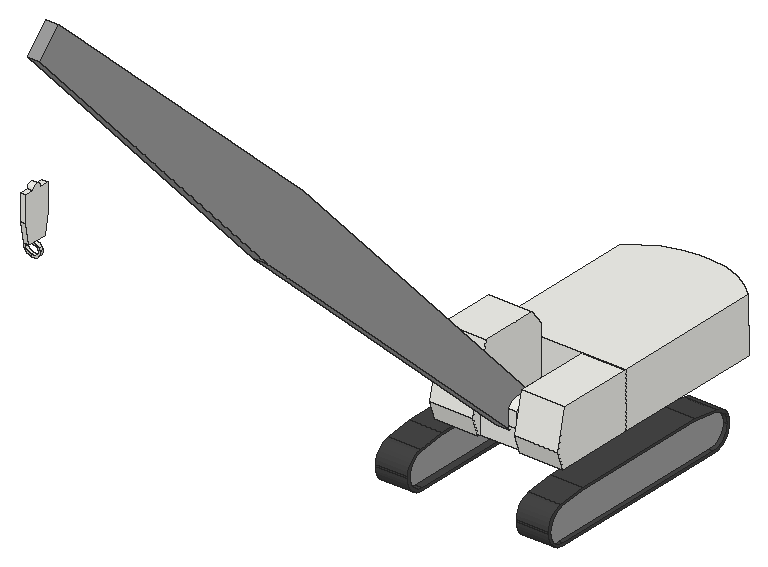
Revit family "12bcd2d42a9e44d689516584ec4ea8b1", category Site, Revit 2021
Family settings
  Round Connector Dimension = Use Diameter
  Part Type = Normal
  Seek Item ID = Construction Crane-0000-USA-ENU
  Work Plane-Based = No
  Always vertical = No
  Cut with Voids When Loaded = No
  Shared = No
Parameters (values of type "65' @ 45 deg")
  Boom Angle = 45.00°
  Boom Half = Boom Length / 2  # 32' - 6"
  Boom Length = 65' - 0"
  Cab Width = 10' - 0"
  Counter Weight = 14' - 0"
  Hook = 90.00° - Boom Angle  # 45.00°
  Turning Radius = Counter Weight + 1' 0"  # 15' - 0"
  Width = 13' - 6"
Types (4): name | Boom Angle | Boom Half | Boom Length | Cab Width | Counter Weight | Hook | Turning Radius | Width
  (no name) | 45.00° | 32' - 6" | 65' - 0" | 10' - 0" | 14' - 0" | 45.00° | 15' - 0" | 13' - 6"
  50' @ 60 deg | 60.00° | 25' - 0" | 50' - 0" | 10' - 0" | 14' - 0" | 30.00° | 15' - 0" | 12' - 0"
  75' @ 60 deg | 60.00° | 37' - 6" | 75' - 0" | 12' - 0" | 18' - 0" | 30.00° | 19' - 0" | 16' - 0"
  65' @ 45 deg | 45.00° | 32' - 6" | 65' - 0" | 10' - 0" | 14' - 0" | 45.00° | 15' - 0" | 13' - 6"
Reference planes (in)
  plane 1 "Center (Front/Back)": x = -223.58745
  plane 2: z = 0.00271
  plane 3 "Center (Left/Right)": y = -220.26923
  plane 4: y = -8.65506
  plane 5: x = -283.58745
  plane 6: x = -163.58745
  plane 7: x = -304.58745
  plane 8: x = -142.58745
  plane 9: x = -274.58745
  plane 10: x = -172.58745
  plane 11: z = 38.78223
  plane 12: z = 33.67231
  plane 13: z = 45.47515
  plane 14: z = 96.65625
  plane 15: z = 122.44365
  plane 16: y = -114.46214
  plane 17: y = -183.55663
  plane 18: y = 63.97131
  plane 19: x = -243.27249
  plane 20: x = -203.90241
  plane 21: z = 33.67231
  plane 22: y = -616.55749
  plane 23: y = -104.02869
  plane 24: x = -229.58745
  plane 25: x = -217.58745
  plane 26: y = 39.97131
Forms (in)
  Extrusion 1, solid, material "Plastic, Opaque Black"
    sketch origin (-223.58745, 0, 0) x (0, -1, 0) y (0, 0, 1)
      loop
        arc (203.26923, 0) -> (215.29005, 4.97918) -> (220.26923, 17) r 17
        line (220.26923, 17) -> (220.26923, 18.70487)
        arc (220.26923, 18.70487) -> (216.02859, 29.93869) -> (205.42232, 35.56797) r 17
        line (205.42232, 35.56797) -> (180.26923, 38.78223) -> (48.65506, 38.78223) -> (23.50197, 35.56797)
        arc (23.50197, 35.56797) -> (12.8957, 29.93869) -> (8.65506, 18.70487) r 17
        line (8.65506, 18.70487) -> (8.65506, 17)
        arc (8.65506, 17) -> (13.63424, 4.97918) -> (25.65506, 0) r 17
        line (25.65506, 0) -> (203.26923, 0)
      loop
        line (48.78222, 36.78223) -> (24.61859, 33.70354)
        arc (24.61859, 33.70354) -> (14.69437, 28.46287) -> (10.66024, 17.99002) r 15.98739
        arc (10.66024, 17.99002) -> (15.3413, 6.68895) -> (26.64237, 2.00789) r 15.98213
        line (26.64237, 2.00789) -> (202.51721, 2.00789)
        arc (202.51721, 2.00789) -> (213.67229, 6.62848) -> (218.29287, 17.78355) r 15.77566
        arc (218.29287, 17.78355) -> (214.29477, 28.3725) -> (204.29591, 33.67657) r 16.02143
        line (204.29591, 33.67657) -> (180.14207, 36.78223) -> (48.78222, 36.78223)
    from 51 to 81
  Extrusion 2, solid, material "Metal, Paint Finish, White, Matte"
    sketch origin (-282.78589, 336.87989, 96.65354) x (0, 0, -1) y (0, -1, 0)
      loop
        line (-0.00271, 440.90859) -> (51.1784, 440.90859) -> (51.1784, 514.40521) -> (34.28624, 520.43652) -> (-25.79011, 505.34204) -> (-25.79011, 451.34204) -> (-12.00271, 440.90859) -> (-0.00271, 440.90859)
    from -39.5134 to 0.80156
  Extrusion 3, solid, material "Metal, Paint Finish, White, Matte"
    sketch origin (-164.67565, -104.02869, 96.65354) x (0, 0, -1) y (0, 1, 0)
      loop
        line (-0.00271, 0) -> (-0.00271, -70.91267) -> (34.28624, -79.52794) -> (51.1784, -73.49662) -> (51.1784, 0) -> (-0.00271, 0)
    from -39.22676 to 1.0882
  Extrusion 4, solid, material "Metal, Paint Finish, White, Matte"
    sketch origin (0, 0, 0) x (1, 0, 0) y (0, 1, 0)
      loop
        line (-243.27249, -104.02869) -> (-243.27249, -174.55663) -> (-203.90241, -174.55663) -> (-203.90241, -104.02869) -> (-243.27249, -104.02869)
    from 45.47244 to 62.56448
  Extrusion 5, solid, material "Metal, Paint Finish, White, Matte"
    sketch origin (-243.27249, -110.02869, 62.56448) x (0, 0, -1) y (0, -1, 0)
      loop
        line (-0.00271, 41.76609) -> (-0.00271, 64.59716) -> (-14.00271, 64.59716)
        arc (-14.00271, 64.59716) -> (-20.02931, 53.18163) -> (-14.00271, 41.76609) r 13.8249
        line (-14.00271, 41.76609) -> (-0.00271, 41.76609)
    from -34.57223 to -4.84375
  Extrusion 6, solid, material "Steel"
    sketch origin (-304.58745, 0, 0) x (0, -1, 0) y (0, 0, 1)
      loop
        line (48.78222, 36.78223) -> (24.61859, 33.70625)
        arc (24.61859, 33.70625) -> (14.69348, 28.46456) -> (10.66024, 17.99002) r 15.98737
        arc (10.66024, 17.99002) -> (15.3413, 6.68895) -> (26.64237, 2.00789) r 15.98213
        line (26.64237, 2.00789) -> (202.51577, 2.00789)
        arc (202.51577, 2.00789) -> (213.67186, 6.6289) -> (218.29287, 17.78499) r 15.7771
        arc (218.29287, 17.78499) -> (214.29483, 28.37441) -> (204.29591, 33.67927) r 16.02287
        line (204.29591, 33.67927) -> (180.14207, 36.78223) -> (48.78222, 36.78223)
    from -22.69133 to -4.39844
  Extrusion 7, solid, material "Plastic, Opaque Black"
    sketch origin (-223.58745, 0, 0) x (0, -1, 0) y (0, 0, -1)
      loop
        line (203.26923, 0) -> (25.65506, 0)
        arc (25.65506, 0) -> (13.63424, -4.97918) -> (8.65506, -17) r 17
        line (8.65506, -17) -> (8.65506, -18.70487)
        arc (8.65506, -18.70487) -> (12.8957, -29.93869) -> (23.50197, -35.56797) r 17
        line (23.50197, -35.56797) -> (48.65506, -38.78223) -> (180.26923, -38.78223) -> (205.42232, -35.56797)
        arc (205.42232, -35.56797) -> (216.02859, -29.93869) -> (220.26923, -18.70487) r 17
        line (220.26923, -18.70487) -> (220.26923, -17)
        arc (220.26923, -17) -> (215.29005, -4.97918) -> (203.26923, 0) r 17
      loop
        line (48.78222, -36.78223) -> (180.14207, -36.78223) -> (204.29591, -33.67657)
        arc (204.29591, -33.67657) -> (214.29477, -28.3725) -> (218.29287, -17.78355) r 16.02143
        arc (218.29287, -17.78355) -> (213.67229, -6.62848) -> (202.51721, -2.00789) r 15.77566
        line (202.51721, -2.00789) -> (26.64237, -2.00789)
        arc (26.64237, -2.00789) -> (15.3413, -6.68895) -> (10.66024, -17.99002) r 15.98213
        arc (10.66024, -17.99002) -> (14.69437, -28.46287) -> (24.61859, -33.70354) r 15.98739
        line (24.61859, -33.70354) -> (48.78222, -36.78223)
    from 51 to 81
  Extrusion 8, solid, material "Steel"
    sketch origin (-142.58745, 0, 0) x (0, -1, 0) y (0, 0, -1)
      loop
        line (48.78222, -36.78223) -> (180.14207, -36.78223) -> (204.29591, -33.67927)
        arc (204.29591, -33.67927) -> (214.29567, -28.37419) -> (218.29287, -17.78355) r 16.02143
        arc (218.29287, -17.78355) -> (213.67229, -6.62848) -> (202.51721, -2.00789) r 15.77566
        line (202.51721, -2.00789) -> (26.64237, -2.00789)
        arc (26.64237, -2.00789) -> (15.3413, -6.68895) -> (10.66024, -17.99002) r 15.98213
        arc (10.66024, -17.99002) -> (14.69348, -28.46456) -> (24.61859, -33.70625) r 15.98737
        line (24.61859, -33.70625) -> (48.78222, -36.78223)
    from -22.69133 to -4.39844
  Extrusion 9, solid, material "Metal, Paint Finish, White, Matte"
    sketch origin (-230.08446, -209.50275, -175.40184) x (0, 0, -1) y (0, -1, 0)
      loop
        line (-675.53261, 499.81232) -> (-651.53261, 499.81232) -> (-631.83645, 503.28529) -> (-631.83645, 521.33936) -> (-651.53261, 525.24528) -> (-675.53261, 525.24528) -> (-675.53261, 516.74528)
        arc (-675.53261, 516.74528) -> (-679.74908, 512.5288) -> (-675.53261, 508.31232) r 4.21648
        line (-675.53261, 508.31232) -> (-675.53261, 499.81232)
    from -9.19366 to -3.95312
  Extrusion 10, solid, material "Metal, Paint Finish, White, Matte"
    sketch origin (-226.13134, -730.84211, 456.43461) x (1, 0, 0) y (0, -0.194521, 0.980898)
      loop
        circle (2.54389, -8) r 8
      loop
        circle (2.54389, -8) r 6
    from -7.81621 to -5.33594
  Extrusion 11, solid, material "Steel"
    sketch origin (-223.58745, 0, 0) x (0, -1, 0) y (0, 0, 1)
      loop
        line (700.81834, 629.34397) -> (414.4401, 364.17893) -> (148.56795, 78.50779) -> (171.19537, 55.88037) -> (456.8665, 321.75252) -> (722.03155, 608.13077) -> (700.81834, 629.34397)
    from -6 to 6
  Extrusion 12, solid, material "Metal, Paint Finish, White, Matte"
    sketch origin (0, 0, 0) x (1, 0, 0) y (0, 1, 0)
      loop
        line (-163.58745, -104.02869) -> (-163.58745, 39.97131)
        arc (-163.58745, 39.97131) -> (-188.34435, 57.01829) -> (-217.58745, 63.97131) r 81.7946
        line (-217.58745, 63.97131) -> (-229.58745, 63.97131)
        arc (-229.58745, 63.97131) -> (-258.67191, 56.66134) -> (-283.58745, 39.97131) r 87.61435
        line (-283.58745, 39.97131) -> (-283.58745, -104.02869) -> (-163.58745, -104.02869)
    from 45.47244 to 96.65625
Lines and regions (in)
  Split face 1
    outline origin (-283.58745, -183.55663, 62.3673) x (1, 0, 0) y (0, 0.243681, 0.969855)
      loop
        line (3.88321, 58.41576) -> (3.88321, 4.41576) -> (36.68477, 4.41576) -> (36.68477, 58.41576) -> (3.88321, 58.41576)
  Split face 2
    outline origin (-283.58745, 336.87989, 96.65354) x (0, 0, -1) y (0, -1, 0)
      loop
        line (-22.27354, 465.16822) -> (3.96233, 459.93708) -> (25.03529, 496.43652) -> (28.75874, 496.43652) -> (28.75874, 516.19769) -> (-22.27354, 502.8078) -> (-22.27354, 465.16822)
  Split face 3
    outline origin (-283.58745, 39.97131, 96.65625) x (0, 0, -1) y (0, -1, 0)
      loop
        line (46.72445, 141.96185) -> (40.72445, 141.96185) -> (40.72445, 8.96185) -> (46.72445, 8.96185) -> (46.72445, 141.96185)
  Split face 4
    outline origin (-283.58745, 39.97131, 96.65625) x (0, 0, -1) y (0, -1, 0)
      loop
        line (37.52623, 141.96185) -> (35.52623, 141.96185) -> (35.52623, 8.96185) -> (37.52623, 8.96185) -> (37.52623, 141.96185)
  Split face 5
    outline origin (-163.58745, -104.02869, 96.65625) x (0, 0, -1) y (0, 1, 0)
      loop
        line (40.72445, 2.03815) -> (46.72445, 2.03815) -> (46.72445, 135.03815) -> (40.72445, 135.03815) -> (40.72445, 2.03815)
  Split face 6
    outline origin (-163.58745, -104.02869, 96.65625) x (0, 0, -1) y (0, 1, 0)
      loop
        line (35.52623, 135.03815) -> (35.52623, 2.03815) -> (37.52623, 2.03815) -> (37.52623, 135.03815) -> (35.52623, 135.03815)
  Split face 7
    outline origin (-243.27249, 336.87989, 96.65354) x (0, 0, -1) y (0, -1, 0)
      loop
        line (-22.27354, 502.8078) -> (-22.27354, 465.16822) -> (3.96233, 459.93708) -> (13.46233, 476.39156) -> (13.46233, 512.18421) -> (-22.27354, 502.8078)
  model lines, style "InvisibleLines"
    curve 1: line (-223.58745, -159.88166, 67.19408) -> (-223.58745, -711.42495, 618.73737)
    curve 2: line (-223.58745, -700.81834, 629.34397) -> (-223.58745, -722.03155, 608.13077)
    curve 3: line (-223.58745, -171.19537, 55.88037) -> (-223.58745, -148.56795, 78.50779)
    curve 4: line (-223.58745, -414.4401, 364.17893) -> (-223.58745, -456.8665, 321.75252)
    curve 5: line (-223.58745, -700.81834, 629.34397) -> (-223.58745, -414.4401, 364.17893)
    curve 6: line (-223.58745, -722.03155, 608.13077) -> (-223.58745, -456.8665, 321.75252)
    curve 7: line (-223.58745, -456.8665, 321.75252) -> (-223.58745, -171.19537, 55.88037)
    curve 8: line (-223.58745, -148.56795, 78.50779) -> (-223.58745, -414.4401, 364.17893)
  symbolic lines, style "Turning Radius"
    curve 9: arc (-43.58745, -114.46214, 0) -> (-223.58745, 65.53786, 0) -> (-403.58745, -114.46214, 0) r 180
    curve 10: arc (-403.58745, -114.46214, 0) -> (-223.58745, -294.46214, 0) -> (-43.58745, -114.46214, 0) r 180
    curve 14: arc (-223.58745, -722.03155, 0) -> (383.98195, -114.46214, 0) -> (-223.58745, 493.10726, 0) r 607.5694
    curve 15: arc (-223.58745, -722.03155, 0) -> (-831.15685, -114.46214, 0) -> (-223.58745, 493.10726, 0) r 607.5694
  model lines, style "Logistics"
    curve 11: line (-223.58745, -722.03155, 608.13077) -> (-223.58745, -722.03155, 500.13077)
    curve 12: line (-223.58745, -722.03155, 500.13077) -> (-223.58745, -736.03155, 500.13077)
    curve 13: line (-223.58745, -722.03155, 500.13077) -> (-206.58745, -722.03155, 500.13077)
  symbolic lines, style "Logistics"
    curve 16: line (-229.58745, -148.56795, 0) -> (-229.58745, -722.03155, 0)
    curve 17: line (-217.58745, -722.03155, 0) -> (-217.58745, -148.56795, 0)
    curve 18: line (-229.58745, -148.56795, 0) -> (-217.58745, -148.56795, 0)
    curve 19: line (-229.58745, -722.03155, 0) -> (-217.58745, -722.03155, 0)
Dimensions and locks (in)
  plane 4 to plane 3 "Center (Left/Right)" = 17' - 7.61417"
  equal spacing: plane 7, plane 1 "Center (Front/Back)", plane 8
  "Width": plane 7 to plane 8
  plane 7 to plane 9 = 2' - 6"
  plane 10 to plane 8 = 2' - 6"
  locked: plane 11 to plane 2 at 38.77953
  locked: plane 13 to plane 2 at 45.47244
  locked: plane 13 to plane 14 at 51.1811
  locked: plane 15 to plane 2 at 122.44094
  equal spacing: plane 4, plane 16, plane 3 "Center (Left/Right)"
  equal spacing: plane 19, plane 1 "Center (Front/Back)", plane 20
  locked: plane 23 to plane 16 at 10.43345
  "Counter Weight": plane 18 to plane 23
  locked: plane 16 to curve 1 at 45.41951
  locked: curve 1 to plane 2 at 67.19137
  "Boom Length": curve 1 to curve 2
  equal spacing: curve 2, curve 1, curve 2
  locked: curve 2 to curve 2 at 30
  equal spacing: curve 3, curve 1, curve 3
  locked: curve 3 to curve 3 at 32
  "Boom Half": curve 4 to curve 2
  equal spacing: curve 4, curve 1, curve 4
  locked: curve 4 to curve 4 at 60
  plane 24 to plane 1 "Center (Front/Back)" to plane 25 = 0' - 6" locked, 0' - 6" locked
  "Cab Width": plane 5 to plane 6
  locked: plane 5 to plane 19 at 40.31496
  locked: plane 20 to plane 6 at 40.31496
  locked: plane 26 to plane 18 at 24
  locked: curve 12 to curve 11 at 108
  equal spacing: Extrusion 9 sketch curve, curve 11, Extrusion 9 sketch curve
  locked: Extrusion 9 sketch curve to Extrusion 9 sketch curve at 25.43295
  locked: curve 12 to Extrusion 9 sketch curve
  locked: Extrusion 9 sketch curve to curve 12 at 43.69616
  Extrusion 9 sketch curve to curve 11 to Extrusion 9 sketch curve = 0' - 9.24351" locked, 0' - 8.81056" locked
  "Turning Radius": radius of curve 9
  radius of Extrusion 9 sketch curve = 0' - 4.21648"
  "Boom Angle": angle plane 2 to curve 1
  locked: curve 1 to curve 3 (angle 90.00°)
  "Hook": angle curve 1 to curve 11
  aligned and locked: plane 5 to Extrusion 2
  aligned and locked: Extrusion 3 to plane 6
  aligned and locked: Extrusion 2 to Extrusion 4 sketch curve
  aligned and locked: Extrusion 4 sketch curve to Extrusion 2
  aligned and locked: Extrusion 3 to Extrusion 4 sketch curve
  aligned and locked: Extrusion 11 sketch curve to curve 5
  aligned and locked: Extrusion 11 sketch curve to curve 2
  aligned and locked: Extrusion 11 sketch curve to curve 6
  aligned and locked: Extrusion 11 sketch curve to curve 7
  aligned and locked: Extrusion 11 sketch curve to curve 3
  aligned and locked: Extrusion 11 sketch curve to curve 8
  aligned and locked: Extrusion 11 to plane 25
  aligned and locked: Extrusion 11 to plane 24
  aligned and locked: Extrusion 1 to plane 7
  aligned and locked: Extrusion 1 to plane 9
  aligned and locked: Extrusion 7 to plane 10
  aligned and locked: plane 8 to Extrusion 7
  aligned and locked: Extrusion 12 sketch curve to Extrusion 3
  aligned and locked: Extrusion 3 to Extrusion 12 sketch curve
  aligned and locked: Extrusion 12 sketch curve to plane 5
  aligned and locked: Extrusion 12 sketch curve to plane 26  (x2)
  aligned and locked: Extrusion 12 to plane 14
  aligned and locked: curve 13 to Extrusion 11
  aligned and locked: Extrusion 11 to curve 16
  aligned and locked: curve 17 to Extrusion 11
Automatic sketch dimensions
  Extrusion 3 sketch curve to plane 14 = 0' - 0"
  Extrusion 3 sketch curve to plane 17 = 0' - 0"
  Extrusion 3 sketch curve to plane 13 = 0' - 0"
  Extrusion 3 sketch curve to plane 17 = 0' - 6.03132"
  Extrusion 3 sketch curve to plane 16 = 0' - 10.43345"
  plane 13 to Extrusion 3 sketch curve = 1' - 4.89216"
  Extrusion 4 sketch curve to plane 17 = 0' - 9"
  Extrusion 5 sketch curve to plane 17 = 0' - 8.93077"
  plane 14 to Extrusion 5 sketch curve = 1' - 8.08906"
  Extrusion 5 sketch curve to Extrusion 5 sketch curve = 0' - 7.7983"  (x2)
  Extrusion 1 sketch curve to plane 4 = 0' - 0"
  Extrusion 1 sketch curve to level = 0' - 0"
  Extrusion 1 sketch curve to plane 11 = 0' - 0"
  Extrusion 1 sketch curve to plane 3 "Center (Left/Right)" = 0' - 0"
  plane 4 to Extrusion 1 sketch curve = 0' - 2.00518"
  Extrusion 1 sketch curve to plane 12 = 0' - 1.89566"  (x2)
  plane 4 to Extrusion 1 sketch curve = 1' - 2.84691"
  Extrusion 1 sketch curve to plane 12 = 0' - 0.03123"
  Extrusion 1 sketch curve to Extrusion 1 sketch curve = 0' - 1.11662"
  Extrusion 1 sketch curve to Extrusion 1 sketch curve = 0' - 0"
  Extrusion 1 sketch curve to Extrusion 1 sketch curve = 0' - 0.98731"
  Extrusion 1 sketch curve to Extrusion 1 sketch curve = 0' - 0.00461"
  Extrusion 1 sketch curve to Extrusion 1 sketch curve = 2' - 0.03647"
  Extrusion 1 sketch curve to Extrusion 1 sketch curve = 0' - 0.12716"  (x2)
  Extrusion 1 sketch curve to plane 17 = 0' - 3.41457"
  Extrusion 1 sketch curve to Extrusion 1 sketch curve = 0' - 0.24577"
  Extrusion 1 sketch curve to Extrusion 1 sketch curve = 0' - 0.75202"  (x2)
  Extrusion 1 sketch curve to plane 12 = 0' - 0.00425"
  Extrusion 1 sketch curve to Extrusion 1 sketch curve = 0' - 1.02668"
  Extrusion 1 sketch curve to Extrusion 1 sketch curve = 0' - 1.12641"
  level to Extrusion 1 sketch curve = 0' - 2.00789"
  Extrusion 1 sketch curve to Extrusion 1 sketch curve = 0' - 0.14467"
  Extrusion 1 sketch curve to plane 11 = 0' - 2"
  Extrusion 1 sketch curve to plane 3 "Center (Left/Right)" = 0' - 1.97636"
  plane 4 to Extrusion 6 sketch curve = 0' - 2.00518"
  Extrusion 6 sketch curve to plane 11 = 0' - 5.07599"
  plane 4 to Extrusion 6 sketch curve = 1' - 3.96353"
  Extrusion 6 sketch curve to Extrusion 6 sketch curve = 0' - 2.02378"
  Extrusion 6 sketch curve to Extrusion 6 sketch curve = 0' - 0.00461"
  Extrusion 6 sketch curve to plane 11 = 0' - 2"
  Extrusion 6 sketch curve to Extrusion 6 sketch curve = 2' - 0.16363"
  Extrusion 6 sketch curve to plane 17 = 0' - 3.41457"
  level to Extrusion 6 sketch curve = 0' - 2.00789"
  Extrusion 6 sketch curve to Extrusion 6 sketch curve = 0' - 0.24577"
  Extrusion 6 sketch curve to plane 11 = 0' - 5.10296"
  Extrusion 6 sketch curve to plane 3 "Center (Left/Right)" = 1' - 3.97332"
  Extrusion 6 sketch curve to plane 3 "Center (Left/Right)" = 0' - 1.97636"
  Extrusion 6 sketch curve to Extrusion 6 sketch curve = 0' - 0"
  Extrusion 7 sketch curve to plane 4 = 0' - 0"
  Extrusion 7 sketch curve to level = 0' - 0"
  Extrusion 7 sketch curve to plane 11 = 0' - 0"
  Extrusion 7 sketch curve to plane 3 "Center (Left/Right)" = 0' - 0"
  plane 4 to Extrusion 7 sketch curve = 0' - 2.00518"
  Extrusion 7 sketch curve to plane 21 = 0' - 1.89566"  (x2)
  plane 4 to Extrusion 7 sketch curve = 1' - 2.84691"
  Extrusion 7 sketch curve to plane 21 = 0' - 0.03123"
  Extrusion 7 sketch curve to Extrusion 7 sketch curve = 0' - 1.11662"
  plane 4 to Extrusion 7 sketch curve = 1' - 5"
  Extrusion 7 sketch curve to Extrusion 7 sketch curve = 0' - 0"
  Extrusion 7 sketch curve to Extrusion 7 sketch curve = 0' - 0.98731"
  Extrusion 7 sketch curve to Extrusion 7 sketch curve = 0' - 0.00461"
  Extrusion 7 sketch curve to Extrusion 7 sketch curve = 2' - 0.03647"
  Extrusion 7 sketch curve to plane 11 = 0' - 2"
  Extrusion 7 sketch curve to Extrusion 7 sketch curve = 0' - 0.12716"  (x2)
  Extrusion 7 sketch curve to plane 17 = 0' - 3.41457"
  Extrusion 7 sketch curve to plane 3 "Center (Left/Right)" = 1' - 5.99779"
  level to Extrusion 7 sketch curve = 0' - 2.00789"
  Extrusion 7 sketch curve to Extrusion 7 sketch curve = 0' - 0.24577"
  Extrusion 7 sketch curve to Extrusion 7 sketch curve = 0' - 0.75202"  (x2)
  Extrusion 7 sketch curve to plane 21 = 0' - 0.00425"
  Extrusion 7 sketch curve to Extrusion 7 sketch curve = 0' - 1.02668"
  Extrusion 7 sketch curve to Extrusion 7 sketch curve = 0' - 1.12641"
  Extrusion 7 sketch curve to plane 3 "Center (Left/Right)" = 0' - 1.97636"
  plane 4 to Extrusion 8 sketch curve = 0' - 2.00518"
  Extrusion 8 sketch curve to plane 11 = 0' - 5.07599"
  plane 4 to Extrusion 8 sketch curve = 1' - 3.96353"
  Extrusion 8 sketch curve to Extrusion 8 sketch curve = 0' - 2.02378"
  Extrusion 8 sketch curve to Extrusion 8 sketch curve = 0' - 0.00461"
  Extrusion 8 sketch curve to plane 11 = 0' - 2"
  Extrusion 8 sketch curve to Extrusion 8 sketch curve = 2' - 0.16363"
  Extrusion 8 sketch curve to plane 17 = 0' - 3.41457"
  Extrusion 8 sketch curve to plane 3 "Center (Left/Right)" = 1' - 5.99779"
  level to Extrusion 8 sketch curve = 0' - 2.00789"
  Extrusion 8 sketch curve to Extrusion 8 sketch curve = 0' - 0.24577"
  Extrusion 8 sketch curve to plane 11 = 0' - 5.10296"
  Extrusion 8 sketch curve to plane 3 "Center (Left/Right)" = 1' - 3.97332"
  Extrusion 8 sketch curve to plane 3 "Center (Left/Right)" = 0' - 1.97636"
  Split face 1 sketch curve to Extrusion 2 = 0' - 3.88321"
  Extrusion 2 to Split face 1 sketch curve = 0' - 3.63019"
  Extrusion 2 to Split face 1 sketch curve = 0' - 4.41576"
  Split face 1 sketch curve to Extrusion 2 = 0' - 3.52785"
  Extrusion 9 sketch curve to Extrusion 9 sketch curve = 1' - 7.69616"
  Extrusion 10 sketch curve to plane 1 "Center (Front/Back)" = 0' - 0"  (x2)
  plane 1 "Center (Front/Back)" to Extrusion 10 sketch curve = 0' - 6"
  Extrusion 10 sketch curve to Extrusion 10 sketch curve = 0' - 2"
  Extrusion 10 sketch curve to Extrusion 10 sketch curve = 0' - 0"
  Extrusion 3 sketch curve to plane 17 = 0' - 8.61527"
  Extrusion 5 sketch curve to Extrusion 5 sketch curve = 0' - 6.2017"
  Extrusion 5 sketch curve to Extrusion 5 sketch curve = 0' - 11.41554"
  Extrusion 9 sketch curve to Extrusion 9 sketch curve = 2' - 0"
  plane 15 to Extrusion 2 sketch curve = 0' - 0"
  plane 14 to Extrusion 2 sketch curve = 0' - 0"
  Extrusion 2 sketch curve to plane 13 = 0' - 0"
  Extrusion 2 sketch curve to Extrusion 2 sketch curve = 1' - 0"
  plane 13 to Extrusion 2 sketch curve = 1' - 4.89216"
  Extrusion 2 sketch curve to plane 3 "Center (Left/Right)" = 9' - 8.24054"
  Extrusion 2 sketch curve to Extrusion 2 sketch curve = 0' - 10.43345"
  Extrusion 2 sketch curve to Extrusion 2 sketch curve = 4' - 6"
  Extrusion 2 sketch curve to Extrusion 2 sketch curve = 6' - 1.49662"
  Extrusion 2 sketch curve to Extrusion 2 sketch curve = 0' - 6.03132"
  Extrusion 12 sketch curve to plane 18 = 0' - 0"
  Extrusion 12 sketch curve to plane 24 = 0' - 0"
  Extrusion 12 sketch curve to plane 25 = 0' - 0"
  Extrusion 12 sketch curve to plane 1 "Center (Front/Back)" = 0' - 0.4991"
  Extrusion 12 sketch curve to plane 1 "Center (Front/Back)" = 0' - 2.02317"
  Split face 2 sketch curve to Extrusion 2 = 0' - 3.51657"
  Extrusion 2 to Split face 2 sketch curve = 0' - 3.96504"
  Split face 2 sketch curve to Extrusion 2 = 0' - 9.25095"
  Split face 2 sketch curve to Extrusion 2 = 0' - 2.76411"
  Split face 2 sketch curve to Extrusion 2 = 0' - 5.85067"
  Split face 2 sketch curve to Extrusion 2 = 0' - 3.31476"
  Split face 2 sketch curve to Extrusion 2 = 1' - 9.02225"
  Split face 2 sketch curve to Extrusion 2 = 1' - 1.1472"
  Split face 2 sketch curve to Extrusion 2 = 1' - 7.02849"
  Split face 3 sketch curve to Extrusion 12 = 0' - 2.03815"
  Extrusion 12 to Split face 3 sketch curve = 0' - 10.45936"
  Extrusion 12 to Split face 3 sketch curve = 0' - 4.45936"
  Extrusion 12 to Split face 3 sketch curve = 0' - 8.96185"
  Split face 4 sketch curve to Extrusion 12 = 0' - 2.03815"
  Extrusion 12 to Split face 4 sketch curve = 1' - 3.65758"
  Split face 4 sketch curve to Split face 4 sketch curve = 0' - 2"
  Extrusion 12 to Split face 4 sketch curve = 0' - 8.96185"
  Split face 5 sketch curve to Extrusion 12 = 0' - 10.45936"
  Split face 5 sketch curve to Extrusion 12 = 0' - 2.03815"
  Split face 5 sketch curve to Extrusion 12 = 0' - 4.45936"
  Split face 5 sketch curve to Extrusion 12 = 0' - 8.96185"
  Split face 6 sketch curve to Extrusion 12 = 0' - 2.03815"
  Split face 6 sketch curve to Extrusion 12 = 1' - 3.65758"
  Split face 6 sketch curve to Split face 6 sketch curve = 0' - 2"
  Split face 6 sketch curve to Extrusion 12 = 0' - 8.96185"
  Split face 7 sketch curve to Extrusion 2 = 0' - 3.51657"
  Extrusion 2 to Split face 7 sketch curve = 0' - 3.96504"
  Split face 7 sketch curve to Extrusion 2 = 0' - 2.92916"
  Split face 7 sketch curve to Extrusion 2 = 1' - 2.77398"
  Split face 7 sketch curve to Extrusion 2 = 0' - 3.31476"
  Split face 7 sketch curve to Extrusion 2 = 2' - 11.48298"
  Split face 7 sketch curve to Extrusion 2 = 1' - 1.1472"
  Split face 7 sketch curve to Split face 7 sketch curve = 1' - 4.45448"
  curve 11 to curve 12 = 1' - 2"
  Extrusion 9 sketch curve to Extrusion 9 sketch curve = 0' - 8 1/2"
  curve 9 to plane 16 = 0' - 0"
  curve 13 to plane 1 "Center (Front/Back)" = 0' - 0"
  curve 14 to plane 1 "Center (Front/Back)" = 0' - 0"
  curve 10 to plane 1 "Center (Front/Back)" = 0' - 0"
  curve 14 to plane 16 = 0' - 0"
  curve 13 to plane 20 = 0' - 2.68504"
  curve 19 to curve 13 = 0' - 0"
  curve 14 to curve 13 = 0' - 0"
  plane 16 to curve 18 = 2' - 10.1058"
